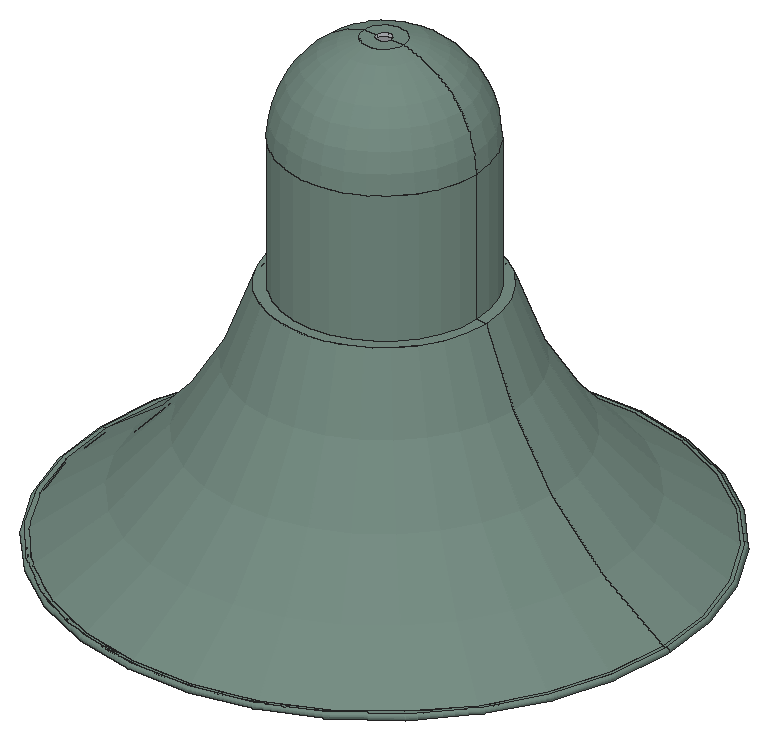
Revit family "DC20 SHADE", category Lighting Fixtures, Revit 2024
Family settings
  Round Connector Dimension = Use Diameter
  Part Type = Normal
  OmniClass Number = 23.80.70.00
  OmniClass Title = Lighting
  Work Plane-Based = No
  Always vertical = Yes
  Cut with Voids When Loaded = No
  Light Source = Yes
  Maintain Annotation Orientation = No
  Shared = No
  Room Calculation Point = No
Parameters
  Wattage = 12.1178 W
  built-in parameter 1150110 = 1 (stored number, unit not read)
  built-in parameter 1114217 = 1 (stored number, unit not read)
  built-in parameter 1150109 = 1 (stored number, unit not read)
  built-in parameter 1150134 = (empty or 0)
  built-in parameter 1150113 = 1 (stored number, unit not read)
  Lumens = 1800 lm
  built-in parameter 1150115 = 1 (stored number, unit not read)
  built-in parameter 1150105 = 572.96 (stored number, unit not read)
  Light Source Symbol Size = 2' - 0"
  built-in parameter 1150137 = (empty or 0)
  built-in parameter 1150139 = (empty or 0)
  built-in parameter 1150112 = 1 (stored number, unit not read)
  built-in parameter 1150114 = 1 (stored number, unit not read)
  built-in parameter 1150132 = 2
  built-in parameter 1150102 = (empty or 0)
  built-in parameter 1150138 = (empty or 0)
  built-in parameter 1150107 = 3000 (stored number, unit not read)
  built-in parameter 1150106 = 5.7296 (stored number, unit not read)
  built-in parameter 1150104 = 13.8 (stored number, unit not read)
  Dimming Lamp Color Temperature Shift = (empty or 0)
  Default Elevation = 0' - 0"
  Color Filter = 16777215
  built-in parameter 1114218 = 1 (stored number, unit not read)
  built-in parameter 1150133 = 10 (stored number, unit not read)
Reference planes (in)
  plane 1 "Light Source Axis (F/B)": y = 0
  plane 2: z = 0
  plane 3 "Light Source Axis (L/R)": x = 0
  plane 4 "Light Source Elevation": z = 84
Forms (in)
  Revolve 1, solid
    sketch origin (0, 0, 0) x (1, 0, 0) y (0, 0, 1)
      loop
        line (-0.25506, 99.94721) -> (-0.69756, 99.94721)
        arc (-0.69756, 99.94721) -> (-2.53279, 98.80956) -> (-3.25006, 96.77294) r 3.25
        line (-3.25006, 96.77294) -> (-3.25006, 92.21355) -> (-3.62244, 92.21355)
        arc (-3.62244, 92.21355) -> (-5.90588, 87.60774) -> (-9.77509, 84.22294) r 13.20473
        line (-9.77509, 84.22294) -> (-9.90013, 84.22294)
        arc (-9.90013, 84.22294) -> (-9.97887, 84.06129) -> (-9.80305, 84.09894) r 0.1
        arc (-9.80305, 84.09894) -> (-5.87996, 87.48812) -> (-3.55089, 92.1198) r 13.29848
        line (-3.55089, 92.1198) -> (-3.15631, 92.1198) -> (-3.15631, 96.77294)
        arc (-3.15631, 96.77294) -> (-2.46289, 98.74687) -> (-0.68731, 99.85346) r 3.15625
        line (-0.68731, 99.85346) -> (-0.25506, 99.85346) -> (-0.25506, 99.94721)
      axis (-0.00503, 99.94721) -> (-0.00503, 84.09894)
    angle from 0 to 360
Dimensions and locks (in)
  aligned and locked: plane 3 "Light Source Axis (L/R)" to imposter light
  aligned and locked: plane 1 "Light Source Axis (F/B)" to imposter light
  aligned and locked: plane 4 "Light Source Elevation" to imposter light
  aligned and locked: level to plane 2
